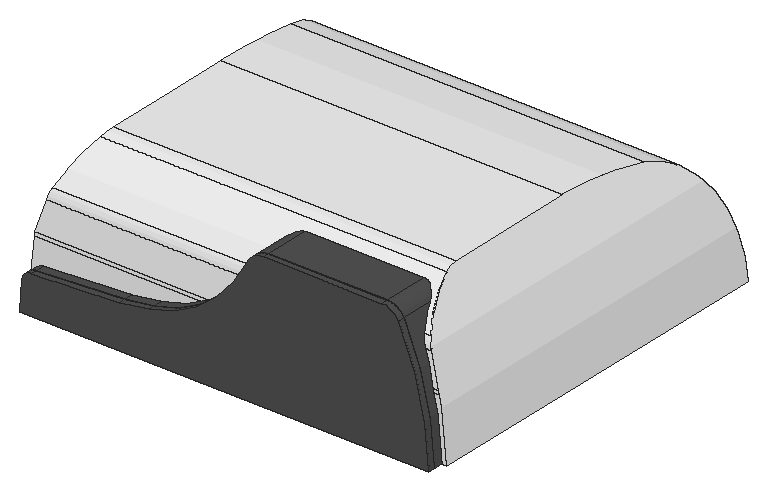
Revit family "Hand-Dryer_World-Dryer_SLIMdri", category Electrical Fixtures, host Face, Revit 2017
Family settings
  Host = Face
  Maintain Annotation Orientation = No
  Round Connector Dimension = Use Diameter
  Part Type = Normal
  OmniClass Number = 23.40.20.21.14
  OmniClass Title = Hand and Hair Dryers
  Cut with Voids When Loaded = No
  Shared = No
  Room Calculation Point = No
Parameters
  Warranty Duration (Years) = 0
  Voltage_MEP = 0 V
  Unit Width = 0' - 11 55/128"
  Unit Weight = 0
  Unit Length = 0' - 10 179/256"
  Unit Depth = 0' - 3 115/128"
  URL = "http://www.worlddryer.com/"
  Test Data = ""
  Surface Finish = Metal - World Dryer - White
  Standards Conformance = "as Specified"
  Specification = "http://www.arcat.com/sdspecs/htm/10811wdr.htm"
  SpecWizard = ""
  Sound Pressure = "69 dB"
  Send Message = "http://www.arcat.com/users.pl?action=UserEmail&company=World%20Dryer%20Corp.&coid=36616&rep=111&fax=708-449-6958&mf="
  Sales Information = "http://www.worlddryer.com/find-a-distributor"
  Revision = "R1_7_2012"
  Product Properties = "http://www.arcat.com/bim/bim_info.pl?fn=WorldDryer"
  Product Data = "http://www.arcat.com/arcatcos/cos36/arc36616.html"
  Mounting Height [instance] = 3' - 1"
  Model = "As Specified"
  Manufacturer Website = "http://www.worlddryer.com/"
  Manufacturer Phone - Toll Free = "800-323-0701 "
  Manufacturer Phone = "708-449-6950 "
  Manufacturer Fax = "708-449-6958"
  Manufacturer Address = "5700 McDermott Dr., Berkeley, IL 60163-1102"
  Manufacturer = "World Dryer"
  Maintenance Schedule (Months) = 0
  MEP Apparent Power = 0 VA
  MEP Amperage = 0 A
  Keynote = "10810"
  Installation-Fabrication = "http://www.worlddryer.com/all-hand-dryers"
  Installation Phase = ""
  Hardware Finish = Metal - World Dryer - Black
  Green Building-LEED = "http://www.arcat.com/green/clients/leed_data_36616.html"
  Frequency = 0 Hz
  Expected Lifespan (Years) = 0
  Drying Time = "as Specified"
  Drawn By = "Sumex Design, Inc. / Robert S. Weygant, CSI, CDT, SCIP"
  Description = "World Dryer Electric Hand Dryer as Specified"
  Default Elevation = 4' - 0"
  Cover Material = none
  Copyright = "©Arcat Inc."
  Construction Details = "http://www.arcat.com/details/worlddry/worlddry.html?coid=36616"
  Automatic = yes
  Assembly Code = "C1030210"
  Air Temperature = "as Specified"
  Air Output = "as Specified"
  Actuation = "as Specified"
  ADA Compliant = yes
Reference planes (in)
  plane 1 "Center (Front/Back)": y = -0.38525
  plane 2: z = 0
  plane 3 "Center (Left/Right)": x = 0
  plane 4: x = -5.71484
  plane 5: x = 5.71484
  plane 6: z = 3.89844
  plane 7 "FF": y = -42.73486
  plane 8: z = 0
  plane 9: y = -5.73486
  plane 10: y = 4.96436
Dimensions and locks (in)
  "Unit Depth": plane 6 to level
  equal spacing: plane 4, plane 3 "Center (Left/Right)", plane 5
  "Unit Width": plane 4 to plane 5
  "Mounting Height": plane 9 to plane 7 "FF"
  equal spacing: plane 9, plane 1 "Center (Front/Back)", plane 10
  "Unit Length": plane 9 to plane 10
  aligned and locked: plane 2 to host face
  aligned and locked: level to host face
  aligned and locked: plane 9 to nested 1
  aligned and locked: nested 1 to level
Automatic sketch dimensions
  host sketch curve to host sketch curve = 8' - 0"  (x2)
Nested families (in)
  nested 1: "SLIMdri Dryer" at (0, -0.17236, 0), type "SLIMdri Dryer"
Connectors (in)
  electrical at (-0.34375, -1.79736, 0)
    settings: on nested 1, index 1, voltage 0 V, apparent load 0 VA, apparent load phase1 0 VA, apparent load phase2 0 VA, apparent load phase3 0 VA, power factor 1, load classification "Other", number of poles 1, system type 31, power factor state 1, is connector primary yes, connector utility no, sub classification motor no, connector description ""
Definition of nested family "SLIMdri Dryer"
  Parameters
    Default Elevation = 4' - 0"
    Body Material = none
    Accent Material = none
  Reference planes (in)
    plane 1 "Center (Front/Back)": y = 0
    plane 2: z = 0
    plane 3 "Center (Left/Right)": x = 0
    plane 4: z = 3.67289
  Forms (in)
    Extrusion 1, solid, material <- "Body Material"
      sketch origin (5.71875, -4.80075, -18.56558) x (0, 0, 1) y (0, 1, 0)
        loop
          line (18.56558, 9.92575) -> (18.56558, -0.32425) -> (20.23609, -0.32425)
          arc (20.23609, -0.32425) -> (20.27924, -0.3233) -> (20.32232, -0.32048) r 0.9894
          line (20.32232, -0.32048) -> (21.17699, -0.24571)
          arc (21.17699, -0.24571) -> (21.31897, -0.21544) -> (21.44933, -0.15158) r 0.59283
          arc (21.44933, -0.15158) -> (21.99292, 0.33163) -> (22.37139, 0.95271) r 2.45918
          arc (22.37139, 0.95271) -> (22.43096, 1.14412) -> (22.45247, 1.34344) r 1.0336
          arc (22.45247, 1.34344) -> (22.46696, 3.16659) -> (22.47272, 4.98979) r 380.43311
          arc (22.47272, 4.98979) -> (22.40601, 6.27195) -> (22.20468, 7.53997) r 12.17751
          arc (22.20468, 7.53997) -> (22.04245, 8.03863) -> (21.78043, 8.49287) r 2.51747
          arc (21.78043, 8.49287) -> (21.1659, 9.11869) -> (20.39493, 9.53691) r 2.95945
          arc (20.39493, 9.53691) -> (19.49378, 9.79494) -> (18.56558, 9.92575) r 6.75563
      from 11.4375 to 0
    Extrusion 2, void
      sketch origin (-10.52541, -6, -2.55472) x (1, 0, 0) y (0, 0, -1)
        loop
          line (4.80666, -2.55472) -> (4.55666, -2.55472) -> (4.55666, -6.7018) -> (16.55666, -6.7018) -> (16.55666, -2.55472) -> (16.24416, -2.55472)
          arc (16.24416, -2.55472) -> (15.94356, -4.57853) -> (15.14403, -6.46186) r 8.07611
          line (15.14403, -6.46186) -> (5.83671, -6.46186)
          arc (5.83671, -6.46186) -> (5.07965, -4.57209) -> (4.80666, -2.55472) r 8.2788
      from -1.0328 to 11.66998
    Extrusion 3, solid, material <- "Accent Material"
      sketch origin (-10.52541, 6, -2.72491) x (1, 0, 0) y (0, 0, 1)
        loop
          line (4.96291, 2.72492) -> (16.08791, 2.72492)
          arc (16.08791, 2.72492) -> (15.86319, 4.4587) -> (15.27063, 6.1035) r 8.07611
          arc (15.27063, 6.1035) -> (15.0862, 6.3082) -> (14.82133, 6.38411) r 0.5
          line (14.82133, 6.38411) -> (11.58958, 6.38411)
          arc (11.58958, 6.38411) -> (11.3184, 6.30418) -> (11.13392, 6.08996) r 0.5
          arc (11.13392, 6.08996) -> (10.0598, 4.72723) -> (8.47324, 4.02466) r 3.60267
          arc (8.47324, 4.02466) -> (8.07912, 3.95959) -> (7.68377, 3.90244) r 19.90067
          arc (7.68377, 3.90244) -> (6.47544, 3.78367) -> (5.26174, 3.75104) r 17.08242
          arc (5.26174, 3.75104) -> (5.09345, 3.68787) -> (5.01104, 3.52811) r 0.25
          arc (5.01104, 3.52811) -> (4.97721, 3.1271) -> (4.96291, 2.72492) r 8.2788
      from 8.08002 to 11.38833
    Extrusion 4, solid
      sketch origin (-10.52541, 6, -2.72491) x (1, 0, 0) y (0, 0, 1)
        loop
          line (4.96291, 2.72492) -> (16.08791, 2.72492)
          arc (16.08791, 2.72492) -> (15.86319, 4.4587) -> (15.27063, 6.1035) r 8.07611
          arc (15.27063, 6.1035) -> (15.0862, 6.3082) -> (14.82133, 6.38411) r 0.5
          line (14.82133, 6.38411) -> (11.58958, 6.38411)
          arc (11.58958, 6.38411) -> (11.3184, 6.30418) -> (11.13392, 6.08996) r 0.5
          arc (11.13392, 6.08996) -> (10.0598, 4.72723) -> (8.47324, 4.02466) r 3.60267
          arc (8.47324, 4.02466) -> (8.07912, 3.95959) -> (7.68377, 3.90244) r 19.90067
          arc (7.68377, 3.90244) -> (6.47544, 3.78367) -> (5.26174, 3.75104) r 17.08242
          arc (5.26174, 3.75104) -> (5.09345, 3.68787) -> (5.01104, 3.52811) r 0.25
          arc (5.01104, 3.52811) -> (4.97721, 3.1271) -> (4.96291, 2.72492) r 8.2788
      from 11.38833 to 11.5625
  Cuts and joins
    Extrusion 2 cuts Extrusion 1
